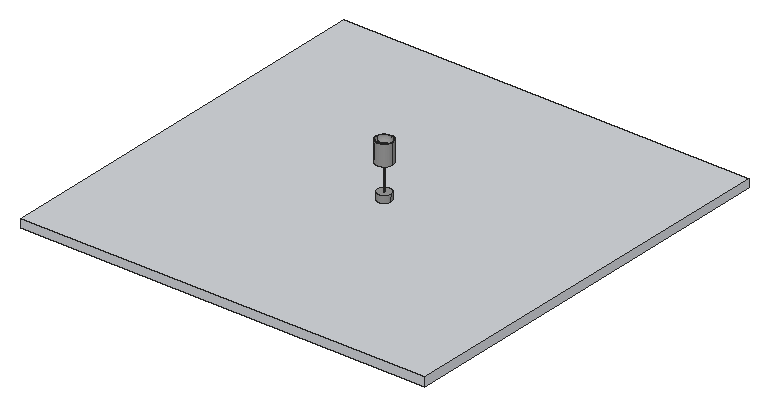
Revit family "LAMP_KOMBIC 100 SURFACE 2000 CRI80 OPTIC", category Luminarias, Revit 2018
Family settings
  Anfitrión = Cara
  Cota de conector redondo = Diámetro de uso
  Tipo de pieza = Normal
  Corte con vacíos al cargar = No
  Origen de luz = Sí
  Compartido = No
  Punto de cálculo de habitación = No
Parameters (values of type "1205LM 3000K  B/B")
  Ángulo de inclinación = -90.00°
  Weight = 0.502 kg
  UGR = "17"
  Type = "COB PHILIPS"
  Protection rating = "IP40"
  Product datasheet = "http://www.lamp.es/product-files/TECH/K11SF2040WF830NBB-EN.pdf"
  Product code = "K11SF2040WF830NBB"
  Product URL = "https://www.lamp.es/en/family/kombic-surface_474354"
  Power Supply = "220-240V 50/60Hz"
  Power = 12 W
  Plum = 14.5 W
  Modelo = Product code  # "K11SF2040WF830NBB"
  Model explanation = "Possibility of chossing between surface or suspended within the model"
  Material reflector = LAMP_PC Reflector Kombic Metalizado Negro
  Material floron = LAMP_Plástico genérico NG
  Material optica = LAMP_PMMA Optica Kombic100
  Material cuerpo = LAMP_Plástico genérico NG
  Material cable suspension = LAMP_Acero genérico
  Material LED = LAMP_COB
  Manufacturer name = "LAMP"
  Manufacturer country = "Spain"
  Manufacturer URL = "http://www.lamp.es/en"
  MacAdam = "3"
  Luminaire type = "Suspended"
  Last update = "29/07/2021"
  Lamp = "COB LED"
  LED Lifetime = "50.000 L80 B10"
  Insulation class = "I"
  Installation instructions = "https://www.lamp.es/product-files/packed/by-family/474354_INS_all.zip"
  IEE = "A+"
  Height suspension [instance] = 200 mm
  Height distance [instance] = if(Surface, 0.1 mm, if(Ceiling rose, if(Height suspension > 38 mm, if(Height suspension < 2000 mm, Height suspension, 2000 mm), 38 mm), 37 mm))  # 200 mm
  Wattage = 14.5 W
  built-in parameter 1150107 = 3000 (stored number, unit not read)
  Surface [instance] = no
  built-in parameter 1150110 = 1 (stored number, unit not read)
  built-in parameter 1150109 = 1 (stored number, unit not read)
  built-in parameter 1150112 = 1 (stored number, unit not read)
  built-in parameter 1150113 = 1 (stored number, unit not read)
  built-in parameter 1114218 = 1 (stored number, unit not read)
  built-in parameter 1150137 = (empty or 0)
  built-in parameter 1150132 = 2
  built-in parameter 1150105 = 1078.2 (stored number, unit not read)
  built-in parameter 1150102 = (empty or 0)
  built-in parameter 1150106 = 10.782 (stored number, unit not read)
  Height = 120 mm
  Gear = "Electronic"
  Lumens = 1204.95 lm
  Finish = "Matte black RAL 9011"
  Color Filter = 16777215
  built-in parameter 1114217 = 1 (stored number, unit not read)
  built-in parameter 1150139 = (empty or 0)
  Fabricante = Manufacturer name  # "LAMP"
  Default Elevation = 1219.2 mm
  built-in parameter 1150104 = 7.7202 (stored number, unit not read)
  Efficacy = 83.1 lm/W
  Diameter = 100 mm
  built-in parameter 1150115 = 1 (stored number, unit not read)
  built-in parameter 1150114 = 1 (stored number, unit not read)
  built-in parameter 1150138 = (empty or 0)
  built-in parameter 1150134 = (empty or 0)
  Ceiling rose [instance] = not(Surface)  # yes
  Dimming Lamp Color Temperature Shift = (empty or 0)
  CRI = "80"
  Archivo de red fotométrica = "K11SF2040WF830NBB.IES"
  built-in parameter 1150133 = 10 (stored number, unit not read)
Types (12, lengths in mm): name | UGR | Product datasheet | Product code | Modelo | Material reflector | Material floron | Material cuerpo | built-in parameter 1150107 | built-in parameter 1150105 | built-in parameter 1150106 | Lumens | Finish | built-in parameter 1150104 | Efficacy | built-in parameter 1150134 | Archivo de red fotométrica
  1205LM 3000K  B/B | "17" | "http://www.lamp.es/product-files/TECH/K11SF2040WF830NBB-EN.pdf" | "K11SF2040WF830NBB" | "K11SF2040WF830NBB" | LAMP_PC Reflector Kombic Metalizado Negro | LAMP_Plástico genérico NG | LAMP_Plástico genérico NG | 3000 (stored number, unit not read) | 1078.2 (stored number, unit not read) | 10.782 (stored number, unit not read) | 1204.95 lm | "Matte black RAL 9011" | 7.7202 (stored number, unit not read) | 83.1 lm/W | (empty or 0) | "K11SF2040WF830NBB.IES"
  1205LM 3000K  B/W | "17" | "http://www.lamp.es/product-files/TECH/K11SF2040WF830NBW-EN.pdf" | "K11SF2040WF830NBW" | "K11SF2040WF830NBW" | LAMP_PC Reflector Kombic Metalizado Negro | LAMP_Plástico genérico BL | LAMP_Plástico genérico BL | 3000 (stored number, unit not read) | 1078.2 (stored number, unit not read) | 10.782 (stored number, unit not read) | 1204.95 lm | "Matte Traffic white RAL 9016" | 7.7202 (stored number, unit not read) | 83.1 lm/W | (empty or 0) | "K11SF2040WF830NBW.IES"
  1268LM 3000K  M/B | "17" | "http://www.lamp.es/product-files/TECH/K11SF2040WF830NMB-EN.pdf" | "K11SF2040WF830NMB" | "K11SF2040WF830NMB" | LAMP_PC Reflector Kombic Metalizado Mate | LAMP_Plástico genérico NG | LAMP_Plástico genérico NG | 3000 (stored number, unit not read) | 1134 (stored number, unit not read) | 11.34 (stored number, unit not read) | 1267.3 lm | "Matte black RAL 9011" | 8.1197 (stored number, unit not read) | 87.4 lm/W | (empty or 0) | "K11SF2040WF830NMB.IES"
  1268LM 3000K  M/W | "17" | "http://www.lamp.es/product-files/TECH/K11SF2040WF830NMW-EN.pdf" | "K11SF2040WF830NMW" | "K11SF2040WF830NMW" | LAMP_PC Reflector Kombic Metalizado Mate | LAMP_Plástico genérico BL | LAMP_Plástico genérico BL | 3000 (stored number, unit not read) | 1134 (stored number, unit not read) | 11.34 (stored number, unit not read) | 1267.3 lm | "Matte Traffic white RAL 9016" | 8.1197 (stored number, unit not read) | 87.4 lm/W | (empty or 0) | "K11SF2040WF830NMW.IES"
  1275LM 3000K  W/B | "19" | "http://www.lamp.es/product-files/TECH/K11SF2040WF830NWB-EN.pdf" | "K11SF2040WF830NWB" | "K11SF2040WF830NWB" | LAMP_PC Reflector Kombic Blanco | LAMP_Plástico genérico NG | LAMP_Plástico genérico NG | 3000 (stored number, unit not read) | 1140.5 (stored number, unit not read) | 11.405 (stored number, unit not read) | 1274.55 lm | "Matte black RAL 9011" | 8.1662 (stored number, unit not read) | 87.9 lm/W | (empty or 0) | "K11SF2040WF830NWB.IES"
  1275LM 3000K  W/W | "19" | "http://www.lamp.es/product-files/TECH/K11SF2040WF830NWW-EN.pdf" | "K11SF2040WF830NWW" | "K11SF2040WF830NWW" | LAMP_PC Reflector Kombic Blanco | LAMP_Plástico genérico BL | LAMP_Plástico genérico BL | 3000 (stored number, unit not read) | 1140.5 (stored number, unit not read) | 11.405 (stored number, unit not read) | 1274.55 lm | "Matte Traffic white RAL 9016" | 8.1662 (stored number, unit not read) | 87.9 lm/W | (empty or 0) | "K11SF2040WF830NWW.IES"
  1277LM 4000K  B/B | "17" | "http://www.lamp.es/product-files/TECH/K11SF2040WF840NBB-EN.pdf" | "K11SF2040WF840NBB" | "K11SF2040WF840NBB" | LAMP_PC Reflector Kombic Metalizado Negro | LAMP_Plástico genérico NG | LAMP_Plástico genérico NG | 4000 (stored number, unit not read) | 1143.1 (stored number, unit not read) | 11.431 (stored number, unit not read) | 1277.45 lm | "Matte black RAL 9011" | 8.1848 (stored number, unit not read) | 88.1 lm/W | 12 | "K11SF2040WF840NBB.IES"
  1277LM 4000K  B/W | "17" | "http://www.lamp.es/product-files/TECH/K11SF2040WF840NBW-EN.pdf" | "K11SF2040WF840NBW" | "K11SF2040WF840NBW" | LAMP_PC Reflector Kombic Metalizado Negro | LAMP_Plástico genérico BL | LAMP_Plástico genérico BL | 4000 (stored number, unit not read) | 1143.1 (stored number, unit not read) | 11.431 (stored number, unit not read) | 1277.45 lm | "Matte Traffic white RAL 9016" | 8.1848 (stored number, unit not read) | 88.1 lm/W | 12 | "K11SF2040WF840NBW.IES"
  1343LM 4000K  W/B | "19" | "http://www.lamp.es/product-files/TECH/K11SF2040WF840NWB-EN.pdf" | "K11SF2040WF840NWB" | "K11SF2040WF840NWB" | LAMP_PC Reflector Kombic Blanco | LAMP_Plástico genérico NG | LAMP_Plástico genérico NG | 4000 (stored number, unit not read) | 1201.5 (stored number, unit not read) | 12.015 (stored number, unit not read) | 1342.7 lm | "Matte black RAL 9011" | 8.6028 (stored number, unit not read) | 92.6 lm/W | 12 | "K11SF2040WF840NWB.IES"
  1343LM 4000K  W/W | "19" | "http://www.lamp.es/product-files/TECH/K11SF2040WF840NWW-EN.pdf" | "K11SF2040WF840NWW" | "K11SF2040WF840NWW" | LAMP_PC Reflector Kombic Blanco | LAMP_Plástico genérico BL | LAMP_Plástico genérico BL | 4000 (stored number, unit not read) | 1201.5 (stored number, unit not read) | 12.015 (stored number, unit not read) | 1342.7 lm | "Matte Traffic white RAL 9016" | 8.6028 (stored number, unit not read) | 92.6 lm/W | 12 | "K11SF2040WF840NWW.IES"
  1351LM 4000K  M/B | "17" | "http://www.lamp.es/product-files/TECH/K11SF2040WF840NMB-EN.pdf" | "K11SF2040WF840NMB" | "K11SF2040WF840NMB" | LAMP_PC Reflector Kombic Metalizado Mate | LAMP_Plástico genérico NG | LAMP_Plástico genérico NG | 4000 (stored number, unit not read) | 1209.3 (stored number, unit not read) | 12.093 (stored number, unit not read) | 1351.4 lm | "Matte black RAL 9011" | 8.6586 (stored number, unit not read) | 93.2 lm/W | 12 | "K11SF2040WF840NMB.IES"
  1351LM 4000K  M/W | "17" | "http://www.lamp.es/product-files/TECH/K11SF2040WF840NMW-EN.pdf" | "K11SF2040WF840NMW" | "K11SF2040WF840NMW" | LAMP_PC Reflector Kombic Metalizado Mate | LAMP_Plástico genérico BL | LAMP_Plástico genérico BL | 4000 (stored number, unit not read) | 1209.3 (stored number, unit not read) | 12.093 (stored number, unit not read) | 1351.4 lm | "Matte Traffic white RAL 9016" | 8.6586 (stored number, unit not read) | 93.2 lm/W | 12 | "K11SF2040WF840NMW.IES"
Reference planes
  plane 1 "Centro (Frontal/Posterior)": y = 0
  plane 2: z = 0
  plane 3 "Centro (Izquierda/Derecha)": x = 0
Forms (mm)
  Extrusion 1, solid
    sketch origin (0, 0, 0) x (1, 0, 0) y (0, 1, 0)
      loop
        line (-1219.2, 1219.2) -> (-1219.2, -1219.2) -> (1219.2, -1219.2) -> (1219.2, 1219.2) -> (-1219.2, 1219.2)
    from 0 to -50
  Extrusion 2, solid, material "LAMP_Plástico genérico NG" <- "Material cuerpo"
    sketch origin (0, 0, 0) x (1, 0, 0) y (0, 1, 0)
      loop
        circle (0, 0) r 50
    from 200 to 320
  Extrusion 3, void
    sketch origin (0, 0, 0) x (1, 0, 0) y (0, 1, 0)
      loop
        circle (0, 0) r 48
    from 210.588 to 320
  Sweep 4, solid, material "LAMP_PC Reflector Kombic Metalizado Negro" <- "Material reflector"
    path origin (105.103, -251.845, 320) x (1, 0, 0) y (0, 1, 0)
      loop
        circle (-105.103, 251.959) r 48
    profile origin (0, 48.114, 320) x (0, -1, 0) y (0, 0, 1)
      loop
        arc (0, 0) -> (6.616, -20.646) -> (24, -33.6) r 35.52
        line (24, -33.6) -> (24, -32.6)
        arc (24, -32.6) -> (7.196, -20.217) -> (2, 0) r 31.112
        line (2, 0) -> (0, 0)
  Extrusion 5, solid, material "LAMP_PMMA Optica Kombic100" <- "Material optica"
    sketch origin (0, 0, 0) x (1, 0, 0) y (0, 1, 0)
      loop
        circle (0, 0) r 24
    from 286.4 to 287.4
  Extrusion 6, solid, material "LAMP_Plástico genérico NG" <- "Material floron", visible <- "Ceiling rose"
    sketch origin (0, 0, 0) x (1, 0, 0) y (0, 1, 0)
      loop
        circle (0, 0) r 42
    from 0 to 37
  Extrusion 7, solid, material "LAMP_Acero genérico" <- "Material cable suspension", visible <- "Ceiling rose"
    sketch origin (0, 0, 0) x (1, 0, 0) y (0, 1, 0)
      loop
        circle (0, 0) r 1
    from 37 to 200
  Extrusion 8, solid, material "LAMP_COB" <- "Material LED"
    sketch origin (0, 0, 0) x (1, 0, 0) y (0, 1, 0)
      loop
        circle (0, 0) r 13
    from 285.4 to 286.4
Cuts and joins
  Extrusion 3 cuts Extrusion 2
Text (mm)
  text "Any modification of the parameters and properties of the LAMP BIM models must be executed and validated by the LAMP technical department.\nPhone: +34 93 736 68 00\nE-mail: lamp@lamp.es\n\nLAMP reserves the right to modify the technical specifications of its products." at (1856.491, -4316.333, -2622.127), in view "Preview"
Dimensions and locks
  "Height distance": Extrusion 2 to Extrusion 1
  locked: Extrusion 2 to Extrusion 2 at 120
  locked: cut or joined group of Extrusion 2, Extrusion 3 to cut or joined group of Extrusion 2, Extrusion 3 at 109.412
  locked: Extrusion 8 to Extrusion 8 at 1
  aligned and locked: plane 2 to Extrusion 1
  aligned and locked: level to Extrusion 1
  aligned and locked: Extrusion 2 to Extrusion 3
  aligned and locked: cut or joined group of Extrusion 2, Extrusion 3 to Sweep 4 sketch curve
  aligned and locked: Sweep 4 to Extrusion 5
  aligned and locked: Extrusion 5 to Sweep 4
  aligned and locked: Extrusion 7 to Extrusion 6
  aligned and locked: Extrusion 7 to cut or joined group of Extrusion 2, Extrusion 3
  aligned and locked: imposter light to cut or joined group of Extrusion 2, Extrusion 3
  aligned and locked: Extrusion 8 to Extrusion 5
Automatic sketch dimensions
  Extrusion 1 sketch curve to Extrusion 1 sketch curve = 2438.4 mm  (x2)
  plane 1 "Centro (Frontal/Posterior)" to Extrusion 2 sketch curve = 0 mm
  Extrusion 2 sketch curve to plane 3 "Centro (Izquierda/Derecha)" = 0 mm
  plane 1 "Centro (Frontal/Posterior)" to Extrusion 3 sketch curve = 0 mm
  Extrusion 3 sketch curve to plane 3 "Centro (Izquierda/Derecha)" = 0 mm
  Sweep 4 sketch curve to Sweep 4 sketch curve = 2 mm
  Sweep 4 sketch curve to Sweep 4 sketch curve = 2.536 mm
  Sweep 4 sketch curve to Sweep 4 sketch curve = 2.814 mm
  Sweep 4 sketch curve to profile plane = 24 mm
  Sweep 4 sketch curve to Sweep 4 sketch curve = 8.984 mm
  Sweep 4 sketch curve to profile plane = 0 mm
  plane 1 "Centro (Frontal/Posterior)" to Extrusion 5 sketch curve = 0 mm
  Extrusion 5 sketch curve to plane 3 "Centro (Izquierda/Derecha)" = 0 mm
  plane 1 "Centro (Frontal/Posterior)" to Extrusion 6 sketch curve = 0 mm
  Extrusion 6 sketch curve to plane 3 "Centro (Izquierda/Derecha)" = 0 mm
  plane 1 "Centro (Frontal/Posterior)" to Extrusion 7 sketch curve = 0 mm
  Extrusion 7 sketch curve to plane 3 "Centro (Izquierda/Derecha)" = 0 mm
  plane 1 "Centro (Frontal/Posterior)" to Extrusion 8 sketch curve = 0 mm
  Extrusion 8 sketch curve to plane 3 "Centro (Izquierda/Derecha)" = 0 mm
  radius of Extrusion 2 sketch curve = 50 mm
  radius of Extrusion 3 sketch curve = 48 mm
  radius of Sweep 4 sketch curve = 48 mm
  radius of Extrusion 5 sketch curve = 24 mm
  radius of Extrusion 6 sketch curve = 42 mm
  radius of Extrusion 7 sketch curve = 1 mm
  radius of Extrusion 8 sketch curve = 13 mm
Connectors
  electrical at (0, 0, 200)
    settings: on cut or joined group of Extrusion 2, Extrusion 3, index 1, voltage 230 V, apparent load 0 VA, apparent load phase1 0 VA, apparent load phase2 0 VA, apparent load phase3 0 VA, power factor 1, load classification "Otro", number of poles 1, system type 31, power factor state 1, is connector primary yes, connector utility no, sub classification motor no, connector description ""
